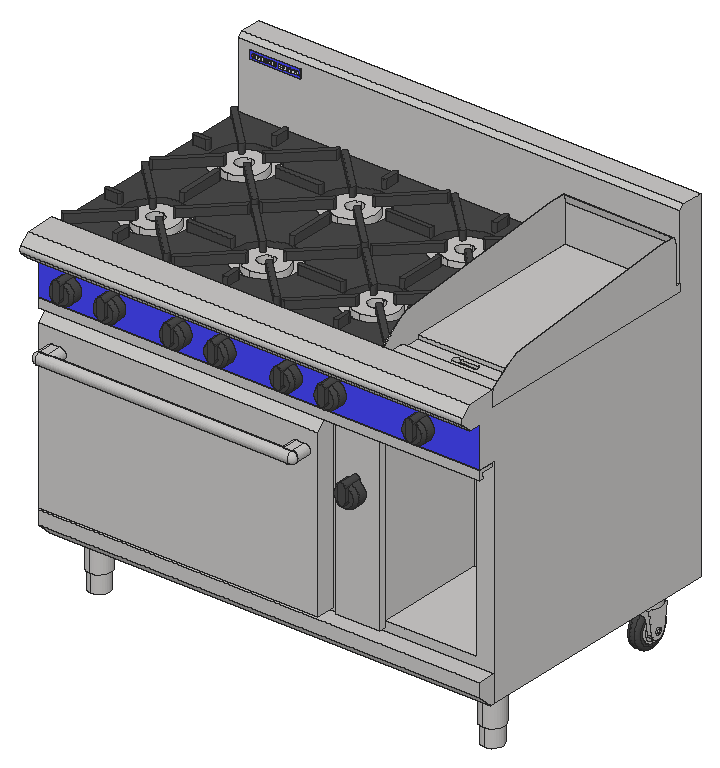
Revit family "QF_MOFFAT_BLUESEAL_CE_GE58C", category Specialty Equipment, Revit 2012
Parameters
  Width = 1200 mm
  Weight in Pounds = 485
  Watts = 6600 W
  Volts = 400 V
  URL Cutsheet = "www.moffat.com"
  URL = "www.moffat.com"
  Type Mark [instance] = ""
  Status [instance] = ""
  Specification by User [instance] = ""
  Specification by Manufacturer = ""
  Show Logo [instance] = yes
  Show Clearance [instance] = yes
  Show Casters [instance] = yes
  Serial Number = ""
  Seismic Rating = ""
  SMACNA No = ""
  Revision Code [instance] = ""
  Phase = 3
  Omniclass Number and Title = ""
  Number of Poles [instance] = 1
  NAFEM Spec ID Number = ""
  Model = "GE58C"
  Min Ckt Ampacity = 0 A
  Mechanical Remarks = ""
  Mechanical Connection Type [instance] = ""
  Max Overcurrent Protection = 0 A
  Masterspec = ""
  Manufacturer = "MOFFAT BLUESEAL"
  Legs [instance] = not(Show Casters)  # no
  Item Number [instance] = ""
  Installed By [instance] = ""
  Identify Quantity as Lot [instance] = yes
  Height = 970 mm
  HP = ""
  Gas Size = 3/4"
  Gas RI Height [instance] = 0 mm
  Gas KW [instance] = 48
  Gas Input [instance] = 165000.0 Btu/h
  Gas Connection Height = 0 mm
  Furnished By [instance] = ""
  Foodservice Equipment Identifier [instance] = yes
  FL Amps = 9.4 A
  Electrical Remarks = "9.4A PER PHASE"
  Electric Connection Type = ""
  Elec Conn RI Height = 0 mm
  Elec Conn Connection Height = 0 mm
  Description = "1200MM GAS RANGE WITH ELECTRIC CONVECTION OVEN"
  Depth = 812 mm
  Cycle = 50 Hz
  Conn Plug = ""
  Conn Conduit = yes
  CSI MasterFormat = ""
  CSI Master Format = ""
  Body Finish = QF_Finishes_Stainless Steel
  Apparent Power = 0 VA
Reference planes
  plane 1 "BACK": y = 0
  plane 2: z = 0
  plane 3 "LEFT": x = 0
  plane 4 "RIGHT": x = 1200
  plane 5 "FRONT": y = -812
  plane 6 "TOP": z = 970
  plane 7 "Center Y": x = 600
  plane 8 "Center X": y = -406
  plane 9: x = 280
  plane 10: y = -574.272
  plane 11: x = 60
  plane 12: y = -304.972
  plane 13: y = -364.972
  plane 14: x = 74
  plane 15: y = -812
  plane 16: x = 1134.5
  plane 17: y = -32
  plane 18: z = 655
  plane 19: x = 65.5
  plane 20: x = 65.8
  plane 21: z = 1085
  plane 22: y = -705
Forms (mm)
  Extrusion 1, solid, material "QF_Finishes_Stainless Steel" <- "Body Finish"
    sketch origin (0, 0, 0) x (0, 1, 0) y (0, 0, 1)
      loop
        line (0, 150) -> (0, 1085) -> (-57.5, 1085) -> (-70, 1072.5) -> (-70, 875) -> (-705, 875) -> (-705, 915) -> (-783.97, 915) -> (-808.49, 890.48)
        arc (-808.49, 890.48) -> (-812.002, 882) -> (-808.49, 873.52) r 11.993
        line (-808.49, 873.52) -> (-784.97, 850) -> (-749, 850) -> (-749, 740) -> (-699, 740) -> (-699, 150) -> (0, 150)
      loop
        line (-749, 222.5) -> (-749, 186) -> (-713, 150) -> (-703.2, 150) -> (-703.2, 222.5) -> (-749, 222.5)
      loop
        line (-749, 713.781) -> (-740.224, 713.781) -> (-742.613, 730.781) -> (-707.93, 730.781) -> (-707.93, 737.784) -> (-749, 737.784) -> (-749, 713.781)
    from 0 to 1200
  Extrusion 2, solid, material "QF_Finishes_Stainless Steel"
    sketch origin (0, 7, 0) x (0, 1, 0) y (0, 0, 1)
      loop
        line (-706, 700) -> (-732, 700) -> (-756, 676) -> (-756, 227.5) -> (-706, 227.5) -> (-706, 700)
    from 0 to 760
  Extrusion 3, solid, material "QF_Finishes_Stainless Steel"
    sketch origin (723.5, 7, 0) x (0, 1, 0) y (0, 0, 1)
      loop
        line (-706, 700) -> (-721, 700) -> (-721, 227.5) -> (-706, 227.5) -> (-706, 700)
    from 56.898 to 176.5
  Revolve 4, solid, material "QF_Finishes_Stainless Steel" <- "Body Finish"
    sketch origin (1134.5, -696.126, 0) x (0, 1, 0) y (0, 0, -1)
      loop
        line (39.376, -150) -> (71.126, -150) -> (71.126, 0) -> (43.626, 0) -> (43.626, -50) -> (39.376, -50) -> (39.376, -150)
      axis (71.126, -150) -> (71.126, 0)
    angle from 0 to 360
  Revolve 5, solid, material "QF_Finishes_Stainless Steel" <- "Body Finish"
    sketch origin (65.5, -696.126, 0) x (0, 1, 0) y (0, 0, 1)
      loop
        line (39.376, 150) -> (39.376, 50) -> (43.626, 50) -> (43.626, 0) -> (71.126, 0) -> (71.126, 150) -> (39.376, 150)
      axis (71.126, 150) -> (71.126, 0)
    angle from 0 to 360
  Extrusion 6, solid, material "QF_Finishes_Stainless Steel"
    sketch origin (-64.5, 0, 325) x (1, 0, 0) y (0, 1, 0)
      loop
        circle (1134.5, -32) r 10
    from 330 to 374.856
  Extrusion 7, void
    sketch origin (0, -699, 150) x (0, 0, -1) y (-1, 0, 0)
      loop
        line (-529.781, -900) -> (-529.781, -1150) -> (-96, -1150) -> (-96, -900) -> (-529.781, -900)
    from 0 to 304.8
  Extrusion 8, solid, material "QF_Finishes_Black"
    sketch origin (0, -70, 875) x (0, -1, 0) y (1, 0, 0)
      loop
        arc (1, 4) -> (1.879, 1.879) -> (4, 1) r 3
        line (4, 1) -> (632, 1)
        arc (632, 1) -> (634.121, 1.879) -> (635, 4) r 3
        line (635, 4) -> (635, 897)
        arc (635, 897) -> (634.121, 899.121) -> (632, 900) r 3
        line (632, 900) -> (4, 900)
        arc (4, 900) -> (1.879, 899.121) -> (1, 897) r 3
        line (1, 897) -> (1, 4)
      loop
        circle (167.5, 150) r 85
      loop
        circle (167.5, 450) r 85
      loop
        circle (467.768, 150) r 85
      loop
        circle (467.768, 450) r 85
      loop
        circle (167.5, 750) r 85
      loop
        circle (467.768, 750) r 85
    from 0 to 19.5
  Extrusion 9, solid, material "QF_Finishes_Black"
    sketch origin (0, -70, 894.5) x (0, -1, 0) y (1, 0, 0)
      loop
        spline (327.102, 15.153) -> (326.181, 13.924) -> (325.631, 12.47) -> (325.49, 10.89) -> (325.767, 9.292) -> (326.443, 7.786) -> (327.473, 6.473) -> (328.786, 5.443) -> (330.292, 4.767) -> (331.89, 4.49) -> (333.47, 4.631) -> (334.924, 5.181) -> (336.153, 6.102)
        line (336.153, 6.102) -> (444.076, 114.025)
        spline (444.076, 114.025) -> (444.837, 115.095) -> (445.238, 116.399) -> (445.251, 117.851) -> (444.875, 119.35) -> (444.137, 120.795) -> (443.086, 122.086) -> (441.795, 123.137) -> (440.35, 123.875) -> (438.851, 124.251) -> (437.399, 124.238) -> (436.095, 123.837) -> (435.025, 123.076)
        line (435.025, 123.076) -> (327.102, 15.153)
      loop
        line (611.398, 15.153) -> (503.475, 123.076)
        spline (503.475, 123.076) -> (502.405, 123.837) -> (501.101, 124.238) -> (499.649, 124.251) -> (498.15, 123.875) -> (496.705, 123.137) -> (495.414, 122.086) -> (494.363, 120.795) -> (493.625, 119.35) -> (493.249, 117.851) -> (493.262, 116.399) -> (493.663, 115.095) -> (494.424, 114.025)
        line (494.424, 114.025) -> (602.347, 6.102)
        spline (602.347, 6.102) -> (603.416, 5.341) -> (604.721, 4.941) -> (606.172, 4.928) -> (607.671, 5.303) -> (609.116, 6.041) -> (610.408, 7.092) -> (611.459, 8.384) -> (612.197, 9.829) -> (612.572, 11.328) -> (612.559, 12.779) -> (612.159, 14.084) -> (611.398, 15.153)
      loop
        spline (379.102, 143.6) -> (380.396, 143.818) -> (381.602, 144.457) -> (382.638, 145.475) -> (383.432, 146.8) -> (383.932, 148.344) -> (384.102, 150) -> (383.932, 151.656) -> (383.432, 153.2) -> (382.638, 154.525) -> (381.602, 155.543) -> (380.396, 156.182) -> (379.102, 156.4)
        line (379.102, 156.4) -> (259.398, 156.4)
        spline (259.398, 156.4) -> (258.104, 156.182) -> (256.898, 155.543) -> (255.862, 154.525) -> (255.068, 153.2) -> (254.568, 151.656) -> (254.398, 150) -> (254.568, 148.344) -> (255.068, 146.8) -> (255.862, 145.475) -> (256.898, 144.457) -> (258.104, 143.818) -> (259.398, 143.6)
        line (259.398, 143.6) -> (379.102, 143.6)
      loop
        spline (23.602, 15.153) -> (22.681, 13.924) -> (22.131, 12.47) -> (21.99, 10.89) -> (22.267, 9.292) -> (22.943, 7.786) -> (23.973, 6.473) -> (25.286, 5.443) -> (26.792, 4.767) -> (28.39, 4.49) -> (29.97, 4.631) -> (31.424, 5.181) -> (32.653, 6.102)
        line (32.653, 6.102) -> (140.576, 114.025)
        spline (140.576, 114.025) -> (141.337, 115.095) -> (141.738, 116.399) -> (141.751, 117.851) -> (141.375, 119.35) -> (140.637, 120.795) -> (139.586, 122.086) -> (138.295, 123.137) -> (136.85, 123.875) -> (135.351, 124.251) -> (133.899, 124.238) -> (132.595, 123.837) -> (131.525, 123.076)
        line (131.525, 123.076) -> (23.602, 15.153)
      loop
        line (311.398, 15.153) -> (203.475, 123.076)
        spline (203.475, 123.076) -> (202.405, 123.837) -> (201.101, 124.238) -> (199.649, 124.251) -> (198.15, 123.875) -> (196.705, 123.137) -> (195.414, 122.086) -> (194.363, 120.795) -> (193.625, 119.35) -> (193.249, 117.851) -> (193.262, 116.399) -> (193.663, 115.095) -> (194.424, 114.025)
        line (194.424, 114.025) -> (302.347, 6.102)
        spline (302.347, 6.102) -> (303.416, 5.341) -> (304.721, 4.941) -> (306.172, 4.928) -> (307.671, 5.303) -> (309.116, 6.041) -> (310.408, 7.092) -> (311.459, 8.384) -> (312.197, 9.829) -> (312.572, 11.328) -> (312.559, 12.779) -> (312.159, 14.084) -> (311.398, 15.153)
      loop
        line (327.102, 284.847) -> (435.025, 176.924)
        spline (435.025, 176.924) -> (436.095, 176.163) -> (437.399, 175.762) -> (438.851, 175.749) -> (440.35, 176.125) -> (441.795, 176.863) -> (443.086, 177.914) -> (444.137, 179.205) -> (444.875, 180.65) -> (445.251, 182.149) -> (445.238, 183.601) -> (444.837, 184.905) -> (444.076, 185.975)
        line (444.076, 185.975) -> (336.153, 293.898)
        spline (336.153, 293.898) -> (334.924, 294.819) -> (333.47, 295.369) -> (331.89, 295.51) -> (330.292, 295.233) -> (328.786, 294.557) -> (327.473, 293.527) -> (326.443, 292.214) -> (325.767, 290.708) -> (325.49, 289.11) -> (325.631, 287.53) -> (326.181, 286.076) -> (327.102, 284.847)
      loop
        spline (611.398, 284.847) -> (612.159, 285.916) -> (612.559, 287.221) -> (612.572, 288.672) -> (612.197, 290.171) -> (611.459, 291.616) -> (610.408, 292.908) -> (609.116, 293.959) -> (607.671, 294.697) -> (606.172, 295.072) -> (604.721, 295.059) -> (603.416, 294.659) -> (602.347, 293.898)
        line (602.347, 293.898) -> (494.424, 185.975)
        spline (494.424, 185.975) -> (493.663, 184.905) -> (493.262, 183.601) -> (493.249, 182.149) -> (493.625, 180.65) -> (494.363, 179.205) -> (495.414, 177.914) -> (496.705, 176.863) -> (498.15, 176.125) -> (499.649, 175.749) -> (501.101, 175.762) -> (502.405, 176.163) -> (503.475, 176.924)
        line (503.475, 176.924) -> (611.398, 284.847)
      loop
        spline (461.1, 241.898) -> (461.318, 240.604) -> (461.957, 239.398) -> (462.975, 238.362) -> (464.3, 237.568) -> (465.844, 237.068) -> (467.5, 236.898) -> (469.156, 237.068) -> (470.7, 237.568) -> (472.025, 238.362) -> (473.043, 239.398) -> (473.682, 240.604) -> (473.9, 241.898)
        line (473.9, 241.898) -> (473.9, 358.102)
        spline (473.9, 358.102) -> (473.682, 359.396) -> (473.043, 360.602) -> (472.025, 361.638) -> (470.7, 362.432) -> (469.156, 362.932) -> (467.5, 363.102) -> (465.844, 362.932) -> (464.3, 362.432) -> (462.975, 361.638) -> (461.957, 360.602) -> (461.318, 359.396) -> (461.1, 358.102)
        line (461.1, 358.102) -> (461.1, 241.898)
      loop
        line (23.602, 284.847) -> (131.525, 176.924)
        spline (131.525, 176.924) -> (132.595, 176.163) -> (133.899, 175.762) -> (135.351, 175.749) -> (136.85, 176.125) -> (138.295, 176.863) -> (139.586, 177.914) -> (140.637, 179.205) -> (141.375, 180.65) -> (141.751, 182.149) -> (141.738, 183.601) -> (141.337, 184.905) -> (140.576, 185.975)
        line (140.576, 185.975) -> (32.653, 293.898)
        spline (32.653, 293.898) -> (31.424, 294.819) -> (29.97, 295.369) -> (28.39, 295.51) -> (26.792, 295.233) -> (25.286, 294.557) -> (23.973, 293.527) -> (22.943, 292.214) -> (22.267, 290.708) -> (21.99, 289.11) -> (22.131, 287.53) -> (22.681, 286.076) -> (23.602, 284.847)
      loop
        spline (311.398, 284.847) -> (312.159, 285.916) -> (312.559, 287.221) -> (312.572, 288.672) -> (312.197, 290.171) -> (311.459, 291.616) -> (310.408, 292.908) -> (309.116, 293.959) -> (307.671, 294.697) -> (306.172, 295.072) -> (304.721, 295.059) -> (303.416, 294.659) -> (302.347, 293.898)
        line (302.347, 293.898) -> (194.424, 185.975)
        spline (194.424, 185.975) -> (193.663, 184.905) -> (193.262, 183.601) -> (193.249, 182.149) -> (193.625, 180.65) -> (194.363, 179.205) -> (195.414, 177.914) -> (196.705, 176.863) -> (198.15, 176.125) -> (199.649, 175.749) -> (201.101, 175.762) -> (202.405, 176.163) -> (203.475, 176.924)
        line (203.475, 176.924) -> (311.398, 284.847)
      loop
        spline (161.1, 241.898) -> (161.318, 240.604) -> (161.957, 239.398) -> (162.975, 238.362) -> (164.3, 237.568) -> (165.844, 237.068) -> (167.5, 236.898) -> (169.156, 237.068) -> (170.7, 237.568) -> (172.025, 238.362) -> (173.043, 239.398) -> (173.682, 240.604) -> (173.9, 241.898)
        line (173.9, 241.898) -> (173.9, 358.102)
        spline (173.9, 358.102) -> (173.682, 359.396) -> (173.043, 360.602) -> (172.025, 361.638) -> (170.7, 362.432) -> (169.156, 362.932) -> (167.5, 363.102) -> (165.844, 362.932) -> (164.3, 362.432) -> (162.975, 361.638) -> (161.957, 360.602) -> (161.318, 359.396) -> (161.1, 358.102)
        line (161.1, 358.102) -> (161.1, 241.898)
      loop
        line (379.102, 456.4) -> (259.398, 456.4)
        spline (259.398, 456.4) -> (258.104, 456.182) -> (256.898, 455.543) -> (255.862, 454.525) -> (255.068, 453.2) -> (254.568, 451.656) -> (254.398, 450) -> (254.568, 448.344) -> (255.068, 446.8) -> (255.862, 445.475) -> (256.898, 444.457) -> (258.104, 443.818) -> (259.398, 443.6)
        line (259.398, 443.6) -> (379.102, 443.6)
        spline (379.102, 443.6) -> (380.396, 443.818) -> (381.602, 444.457) -> (382.638, 445.475) -> (383.432, 446.8) -> (383.932, 448.344) -> (384.102, 450) -> (383.932, 451.656) -> (383.432, 453.2) -> (382.638, 454.525) -> (381.602, 455.543) -> (380.396, 456.182) -> (379.102, 456.4)
      loop
        spline (327.102, 315.153) -> (326.181, 313.924) -> (325.631, 312.47) -> (325.49, 310.89) -> (325.767, 309.292) -> (326.443, 307.786) -> (327.473, 306.473) -> (328.786, 305.443) -> (330.292, 304.767) -> (331.89, 304.49) -> (333.47, 304.631) -> (334.924, 305.181) -> (336.153, 306.102)
        line (336.153, 306.102) -> (444.076, 414.025)
        spline (444.076, 414.025) -> (444.837, 415.095) -> (445.238, 416.399) -> (445.251, 417.851) -> (444.875, 419.35) -> (444.137, 420.795) -> (443.086, 422.086) -> (441.795, 423.137) -> (440.35, 423.875) -> (438.851, 424.251) -> (437.399, 424.238) -> (436.095, 423.837) -> (435.025, 423.076)
        line (435.025, 423.076) -> (327.102, 315.153)
      loop
        line (611.398, 315.153) -> (503.475, 423.076)
        spline (503.475, 423.076) -> (502.405, 423.837) -> (501.101, 424.238) -> (499.649, 424.251) -> (498.15, 423.875) -> (496.705, 423.137) -> (495.414, 422.086) -> (494.363, 420.795) -> (493.625, 419.35) -> (493.249, 417.851) -> (493.262, 416.399) -> (493.663, 415.095) -> (494.424, 414.025)
        line (494.424, 414.025) -> (602.347, 306.102)
        spline (602.347, 306.102) -> (603.416, 305.341) -> (604.721, 304.941) -> (606.172, 304.928) -> (607.671, 305.303) -> (609.116, 306.041) -> (610.408, 307.092) -> (611.459, 308.384) -> (612.197, 309.829) -> (612.572, 311.328) -> (612.559, 312.779) -> (612.159, 314.084) -> (611.398, 315.153)
      loop
        spline (23.602, 315.153) -> (22.681, 313.924) -> (22.131, 312.47) -> (21.99, 310.89) -> (22.267, 309.292) -> (22.943, 307.786) -> (23.973, 306.473) -> (25.286, 305.443) -> (26.792, 304.767) -> (28.39, 304.49) -> (29.97, 304.631) -> (31.424, 305.181) -> (32.653, 306.102)
        line (32.653, 306.102) -> (140.576, 414.025)
        spline (140.576, 414.025) -> (141.337, 415.095) -> (141.738, 416.399) -> (141.751, 417.851) -> (141.375, 419.35) -> (140.637, 420.795) -> (139.586, 422.086) -> (138.295, 423.137) -> (136.85, 423.875) -> (135.351, 424.251) -> (133.899, 424.238) -> (132.595, 423.837) -> (131.525, 423.076)
        line (131.525, 423.076) -> (23.602, 315.153)
      loop
        line (311.398, 315.153) -> (203.475, 423.076)
        spline (203.475, 423.076) -> (202.405, 423.837) -> (201.101, 424.238) -> (199.649, 424.251) -> (198.15, 423.875) -> (196.705, 423.137) -> (195.414, 422.086) -> (194.363, 420.795) -> (193.625, 419.35) -> (193.249, 417.851) -> (193.262, 416.399) -> (193.663, 415.095) -> (194.424, 414.025)
        line (194.424, 414.025) -> (302.347, 306.102)
        spline (302.347, 306.102) -> (303.416, 305.341) -> (304.721, 304.941) -> (306.172, 304.928) -> (307.671, 305.303) -> (309.116, 306.041) -> (310.408, 307.092) -> (311.459, 308.384) -> (312.197, 309.829) -> (312.572, 311.328) -> (312.559, 312.779) -> (312.159, 314.084) -> (311.398, 315.153)
      loop
        line (327.102, 584.847) -> (435.025, 476.924)
        spline (435.025, 476.924) -> (436.095, 476.163) -> (437.399, 475.762) -> (438.851, 475.749) -> (440.35, 476.125) -> (441.795, 476.863) -> (443.086, 477.914) -> (444.137, 479.205) -> (444.875, 480.65) -> (445.251, 482.149) -> (445.238, 483.601) -> (444.837, 484.905) -> (444.076, 485.975)
        line (444.076, 485.975) -> (336.153, 593.898)
        spline (336.153, 593.898) -> (334.924, 594.819) -> (333.47, 595.369) -> (331.89, 595.51) -> (330.292, 595.233) -> (328.786, 594.557) -> (327.473, 593.527) -> (326.443, 592.214) -> (325.767, 590.708) -> (325.49, 589.11) -> (325.631, 587.53) -> (326.181, 586.076) -> (327.102, 584.847)
      loop
        spline (611.398, 584.847) -> (612.159, 585.916) -> (612.559, 587.221) -> (612.572, 588.672) -> (612.197, 590.171) -> (611.459, 591.616) -> (610.408, 592.908) -> (609.116, 593.959) -> (607.671, 594.697) -> (606.172, 595.072) -> (604.721, 595.059) -> (603.416, 594.659) -> (602.347, 593.898)
        line (602.347, 593.898) -> (494.424, 485.975)
        spline (494.424, 485.975) -> (493.663, 484.905) -> (493.262, 483.601) -> (493.249, 482.149) -> (493.625, 480.65) -> (494.363, 479.205) -> (495.414, 477.914) -> (496.705, 476.863) -> (498.15, 476.125) -> (499.649, 475.749) -> (501.101, 475.762) -> (502.405, 476.163) -> (503.475, 476.924)
        line (503.475, 476.924) -> (611.398, 584.847)
      loop
        line (23.602, 584.847) -> (131.525, 476.924)
        spline (131.525, 476.924) -> (132.595, 476.163) -> (133.899, 475.762) -> (135.351, 475.749) -> (136.85, 476.125) -> (138.295, 476.863) -> (139.586, 477.914) -> (140.637, 479.205) -> (141.375, 480.65) -> (141.751, 482.149) -> (141.738, 483.601) -> (141.337, 484.905) -> (140.576, 485.975)
        line (140.576, 485.975) -> (32.653, 593.898)
        spline (32.653, 593.898) -> (31.424, 594.819) -> (29.97, 595.369) -> (28.39, 595.51) -> (26.792, 595.233) -> (25.286, 594.557) -> (23.973, 593.527) -> (22.943, 592.214) -> (22.267, 590.708) -> (21.99, 589.11) -> (22.131, 587.53) -> (22.681, 586.076) -> (23.602, 584.847)
      loop
        spline (311.398, 584.847) -> (312.159, 585.916) -> (312.559, 587.221) -> (312.572, 588.672) -> (312.197, 590.171) -> (311.459, 591.616) -> (310.408, 592.908) -> (309.116, 593.959) -> (307.671, 594.697) -> (306.172, 595.072) -> (304.721, 595.059) -> (303.416, 594.659) -> (302.347, 593.898)
        line (302.347, 593.898) -> (194.424, 485.975)
        spline (194.424, 485.975) -> (193.663, 484.905) -> (193.262, 483.601) -> (193.249, 482.149) -> (193.625, 480.65) -> (194.363, 479.205) -> (195.414, 477.914) -> (196.705, 476.863) -> (198.15, 476.125) -> (199.649, 475.749) -> (201.101, 475.762) -> (202.405, 476.163) -> (203.475, 476.924)
        line (203.475, 476.924) -> (311.398, 584.847)
      loop
        spline (461.1, 541.898) -> (461.318, 540.604) -> (461.957, 539.398) -> (462.975, 538.362) -> (464.3, 537.568) -> (465.844, 537.068) -> (467.5, 536.898) -> (469.156, 537.068) -> (470.7, 537.568) -> (472.025, 538.362) -> (473.043, 539.398) -> (473.682, 540.604) -> (473.9, 541.898)
        line (473.9, 541.898) -> (473.9, 658.102)
        spline (473.9, 658.102) -> (473.682, 659.396) -> (473.043, 660.602) -> (472.025, 661.638) -> (470.7, 662.432) -> (469.156, 662.932) -> (467.5, 663.102) -> (465.844, 662.932) -> (464.3, 662.432) -> (462.975, 661.638) -> (461.957, 660.602) -> (461.318, 659.396) -> (461.1, 658.102)
        line (461.1, 658.102) -> (461.1, 541.898)
      loop
        spline (161.1, 541.898) -> (161.318, 540.604) -> (161.957, 539.398) -> (162.975, 538.362) -> (164.3, 537.568) -> (165.844, 537.068) -> (167.5, 536.898) -> (169.156, 537.068) -> (170.7, 537.568) -> (172.025, 538.362) -> (173.043, 539.398) -> (173.682, 540.604) -> (173.9, 541.898)
        line (173.9, 541.898) -> (173.9, 658.102)
        spline (173.9, 658.102) -> (173.682, 659.396) -> (173.043, 660.602) -> (172.025, 661.638) -> (170.7, 662.432) -> (169.156, 662.932) -> (167.5, 663.102) -> (165.844, 662.932) -> (164.3, 662.432) -> (162.975, 661.638) -> (161.957, 660.602) -> (161.318, 659.396) -> (161.1, 658.102)
        line (161.1, 658.102) -> (161.1, 541.898)
      loop
        line (379.102, 756.4) -> (259.398, 756.4)
        spline (259.398, 756.4) -> (258.104, 756.182) -> (256.898, 755.543) -> (255.862, 754.525) -> (255.068, 753.2) -> (254.568, 751.656) -> (254.398, 750) -> (254.568, 748.344) -> (255.068, 746.8) -> (255.862, 745.475) -> (256.898, 744.457) -> (258.104, 743.818) -> (259.398, 743.6)
        line (259.398, 743.6) -> (379.102, 743.6)
        spline (379.102, 743.6) -> (380.396, 743.818) -> (381.602, 744.457) -> (382.638, 745.475) -> (383.432, 746.8) -> (383.932, 748.344) -> (384.102, 750) -> (383.932, 751.656) -> (383.432, 753.2) -> (382.638, 754.525) -> (381.602, 755.543) -> (380.396, 756.182) -> (379.102, 756.4)
      loop
        spline (327.102, 615.153) -> (326.181, 613.924) -> (325.631, 612.47) -> (325.49, 610.89) -> (325.767, 609.292) -> (326.443, 607.786) -> (327.473, 606.473) -> (328.786, 605.443) -> (330.292, 604.767) -> (331.89, 604.49) -> (333.47, 604.631) -> (334.924, 605.181) -> (336.153, 606.102)
        line (336.153, 606.102) -> (444.076, 714.025)
        spline (444.076, 714.025) -> (444.837, 715.095) -> (445.238, 716.399) -> (445.251, 717.851) -> (444.875, 719.35) -> (444.137, 720.795) -> (443.086, 722.086) -> (441.795, 723.137) -> (440.35, 723.875) -> (438.851, 724.251) -> (437.399, 724.238) -> (436.095, 723.837) -> (435.025, 723.076)
        line (435.025, 723.076) -> (327.102, 615.153)
      loop
        line (611.398, 615.153) -> (503.475, 723.076)
        spline (503.475, 723.076) -> (502.405, 723.837) -> (501.101, 724.238) -> (499.649, 724.251) -> (498.15, 723.875) -> (496.705, 723.137) -> (495.414, 722.086) -> (494.363, 720.795) -> (493.625, 719.35) -> (493.249, 717.851) -> (493.262, 716.399) -> (493.663, 715.095) -> (494.424, 714.025)
        line (494.424, 714.025) -> (602.347, 606.102)
        spline (602.347, 606.102) -> (603.416, 605.341) -> (604.721, 604.941) -> (606.172, 604.928) -> (607.671, 605.303) -> (609.116, 606.041) -> (610.408, 607.092) -> (611.459, 608.384) -> (612.197, 609.829) -> (612.572, 611.328) -> (612.559, 612.779) -> (612.159, 614.084) -> (611.398, 615.153)
      loop
        spline (23.602, 615.153) -> (22.681, 613.924) -> (22.131, 612.47) -> (21.99, 610.89) -> (22.267, 609.292) -> (22.943, 607.786) -> (23.973, 606.473) -> (25.286, 605.443) -> (26.792, 604.767) -> (28.39, 604.49) -> (29.97, 604.631) -> (31.424, 605.181) -> (32.653, 606.102)
        line (32.653, 606.102) -> (140.576, 714.025)
        spline (140.576, 714.025) -> (141.337, 715.095) -> (141.738, 716.399) -> (141.751, 717.851) -> (141.375, 719.35) -> (140.637, 720.795) -> (139.586, 722.086) -> (138.295, 723.137) -> (136.85, 723.875) -> (135.351, 724.251) -> (133.899, 724.238) -> (132.595, 723.837) -> (131.525, 723.076)
        line (131.525, 723.076) -> (23.602, 615.153)
      loop
        line (311.398, 615.153) -> (203.475, 723.076)
        spline (203.475, 723.076) -> (202.405, 723.837) -> (201.101, 724.238) -> (199.649, 724.251) -> (198.15, 723.875) -> (196.705, 723.137) -> (195.414, 722.086) -> (194.363, 720.795) -> (193.625, 719.35) -> (193.249, 717.851) -> (193.262, 716.399) -> (193.663, 715.095) -> (194.424, 714.025)
        line (194.424, 714.025) -> (302.347, 606.102)
        spline (302.347, 606.102) -> (303.416, 605.341) -> (304.721, 604.941) -> (306.172, 604.928) -> (307.671, 605.303) -> (309.116, 606.041) -> (310.408, 607.092) -> (311.459, 608.384) -> (312.197, 609.829) -> (312.572, 611.328) -> (312.559, 612.779) -> (312.159, 614.084) -> (311.398, 615.153)
      loop
        line (327.102, 884.847) -> (435.025, 776.924)
        spline (435.025, 776.924) -> (436.095, 776.163) -> (437.399, 775.762) -> (438.851, 775.749) -> (440.35, 776.125) -> (441.795, 776.863) -> (443.086, 777.914) -> (444.137, 779.205) -> (444.875, 780.65) -> (445.251, 782.149) -> (445.238, 783.601) -> (444.837, 784.905) -> (444.076, 785.975)
        line (444.076, 785.975) -> (336.153, 893.898)
        spline (336.153, 893.898) -> (334.924, 894.819) -> (333.47, 895.369) -> (331.89, 895.51) -> (330.292, 895.233) -> (328.786, 894.557) -> (327.473, 893.527) -> (326.443, 892.214) -> (325.767, 890.708) -> (325.49, 889.11) -> (325.631, 887.53) -> (326.181, 886.076) -> (327.102, 884.847)
      loop
        spline (611.398, 884.847) -> (612.159, 885.916) -> (612.559, 887.221) -> (612.572, 888.672) -> (612.197, 890.171) -> (611.459, 891.616) -> (610.408, 892.908) -> (609.116, 893.959) -> (607.671, 894.697) -> (606.172, 895.072) -> (604.721, 895.059) -> (603.416, 894.659) -> (602.347, 893.898)
        line (602.347, 893.898) -> (494.424, 785.975)
        spline (494.424, 785.975) -> (493.663, 784.905) -> (493.262, 783.601) -> (493.249, 782.149) -> (493.625, 780.65) -> (494.363, 779.205) -> (495.414, 777.914) -> (496.705, 776.863) -> (498.15, 776.125) -> (499.649, 775.749) -> (501.101, 775.762) -> (502.405, 776.163) -> (503.475, 776.924)
        line (503.475, 776.924) -> (611.398, 884.847)
      loop
        line (23.602, 884.847) -> (131.525, 776.924)
        spline (131.525, 776.924) -> (132.595, 776.163) -> (133.899, 775.762) -> (135.351, 775.749) -> (136.85, 776.125) -> (138.295, 776.863) -> (139.586, 777.914) -> (140.637, 779.205) -> (141.375, 780.65) -> (141.751, 782.149) -> (141.738, 783.601) -> (141.337, 784.905) -> (140.576, 785.975)
        line (140.576, 785.975) -> (32.653, 893.898)
        spline (32.653, 893.898) -> (31.424, 894.819) -> (29.97, 895.369) -> (28.39, 895.51) -> (26.792, 895.233) -> (25.286, 894.557) -> (23.973, 893.527) -> (22.943, 892.214) -> (22.267, 890.708) -> (21.99, 889.11) -> (22.131, 887.53) -> (22.681, 886.076) -> (23.602, 884.847)
      loop
        spline (311.398, 884.847) -> (312.159, 885.916) -> (312.559, 887.221) -> (312.572, 888.672) -> (312.197, 890.171) -> (311.459, 891.616) -> (310.408, 892.908) -> (309.116, 893.959) -> (307.671, 894.697) -> (306.172, 895.072) -> (304.721, 895.059) -> (303.416, 894.659) -> (302.347, 893.898)
        line (302.347, 893.898) -> (194.424, 785.975)
        spline (194.424, 785.975) -> (193.663, 784.905) -> (193.262, 783.601) -> (193.249, 782.149) -> (193.625, 780.65) -> (194.363, 779.205) -> (195.414, 777.914) -> (196.705, 776.863) -> (198.15, 776.125) -> (199.649, 775.749) -> (201.101, 775.762) -> (202.405, 776.163) -> (203.475, 776.924)
        line (203.475, 776.924) -> (311.398, 884.847)
      loop
        spline (473.9, 891.872) -> (473.682, 893.166) -> (473.043, 894.372) -> (472.025, 895.407) -> (470.7, 896.202) -> (469.156, 896.701) -> (467.5, 896.872) -> (465.844, 896.701) -> (464.3, 896.202) -> (462.975, 895.407) -> (461.957, 894.372) -> (461.318, 893.166) -> (461.1, 891.872)
        line (461.1, 891.872) -> (461.1, 841.898)
        spline (461.1, 841.898) -> (461.318, 840.604) -> (461.957, 839.398) -> (462.975, 838.362) -> (464.3, 837.568) -> (465.844, 837.068) -> (467.5, 836.898) -> (469.156, 837.068) -> (470.7, 837.568) -> (472.025, 838.362) -> (473.043, 839.398) -> (473.682, 840.604) -> (473.9, 841.898)
        line (473.9, 841.898) -> (473.9, 891.872)
      loop
        spline (173.9, 891.872) -> (173.682, 893.166) -> (173.043, 894.372) -> (172.025, 895.407) -> (170.7, 896.202) -> (169.156, 896.701) -> (167.5, 896.872) -> (165.844, 896.701) -> (164.3, 896.202) -> (162.975, 895.407) -> (161.957, 894.372) -> (161.318, 893.166) -> (161.1, 891.872)
        line (161.1, 891.872) -> (161.1, 841.898)
        spline (161.1, 841.898) -> (161.318, 840.604) -> (161.957, 839.398) -> (162.975, 838.362) -> (164.3, 837.568) -> (165.844, 837.068) -> (167.5, 836.898) -> (169.156, 837.068) -> (170.7, 837.568) -> (172.025, 838.362) -> (173.043, 839.398) -> (173.682, 840.604) -> (173.9, 841.898)
        line (173.9, 841.898) -> (173.9, 891.872)
      loop
        spline (65.602, 143.6) -> (66.896, 143.818) -> (68.102, 144.457) -> (69.138, 145.475) -> (69.932, 146.8) -> (70.432, 148.344) -> (70.602, 150) -> (70.432, 151.656) -> (69.932, 153.2) -> (69.138, 154.525) -> (68.102, 155.543) -> (66.896, 156.182) -> (65.602, 156.4)
        line (65.602, 156.4) -> (29.398, 156.4)
        spline (29.398, 156.4) -> (28.104, 156.182) -> (26.898, 155.543) -> (25.862, 154.525) -> (25.068, 153.2) -> (24.568, 151.656) -> (24.398, 150) -> (24.568, 148.344) -> (25.068, 146.8) -> (25.862, 145.475) -> (26.898, 144.457) -> (28.104, 143.818) -> (29.398, 143.6)
        line (29.398, 143.6) -> (65.602, 143.6)
      loop
        spline (65.602, 443.6) -> (66.896, 443.818) -> (68.102, 444.457) -> (69.138, 445.475) -> (69.932, 446.8) -> (70.432, 448.344) -> (70.602, 450) -> (70.432, 451.656) -> (69.932, 453.2) -> (69.138, 454.525) -> (68.102, 455.543) -> (66.896, 456.182) -> (65.602, 456.4)
        line (65.602, 456.4) -> (29.398, 456.4)
        spline (29.398, 456.4) -> (28.104, 456.182) -> (26.898, 455.543) -> (25.862, 454.525) -> (25.068, 453.2) -> (24.568, 451.656) -> (24.398, 450) -> (24.568, 448.344) -> (25.068, 446.8) -> (25.862, 445.475) -> (26.898, 444.457) -> (28.104, 443.818) -> (29.398, 443.6)
        line (29.398, 443.6) -> (65.602, 443.6)
      loop
        spline (65.602, 743.6) -> (66.896, 743.818) -> (68.102, 744.457) -> (69.138, 745.475) -> (69.932, 746.8) -> (70.432, 748.344) -> (70.602, 750) -> (70.432, 751.656) -> (69.932, 753.2) -> (69.138, 754.525) -> (68.102, 755.543) -> (66.896, 756.182) -> (65.602, 756.4)
        line (65.602, 756.4) -> (29.398, 756.4)
        spline (29.398, 756.4) -> (28.104, 756.182) -> (26.898, 755.543) -> (25.862, 754.525) -> (25.068, 753.2) -> (24.568, 751.656) -> (24.398, 750) -> (24.568, 748.344) -> (25.068, 746.8) -> (25.862, 745.475) -> (26.898, 744.457) -> (28.104, 743.818) -> (29.398, 743.6)
        line (29.398, 743.6) -> (65.602, 743.6)
      loop
        spline (605.602, 143.6) -> (606.896, 143.818) -> (608.102, 144.457) -> (609.138, 145.475) -> (609.932, 146.8) -> (610.432, 148.344) -> (610.602, 150) -> (610.432, 151.656) -> (609.932, 153.2) -> (609.138, 154.525) -> (608.102, 155.543) -> (606.896, 156.182) -> (605.602, 156.4)
        line (605.602, 156.4) -> (569.398, 156.4)
        spline (569.398, 156.4) -> (568.104, 156.182) -> (566.898, 155.543) -> (565.862, 154.525) -> (565.068, 153.2) -> (564.568, 151.656) -> (564.398, 150) -> (564.568, 148.344) -> (565.068, 146.8) -> (565.862, 145.475) -> (566.898, 144.457) -> (568.104, 143.818) -> (569.398, 143.6)
        line (569.398, 143.6) -> (605.602, 143.6)
      loop
        spline (605.602, 443.6) -> (606.896, 443.818) -> (608.102, 444.457) -> (609.138, 445.475) -> (609.932, 446.8) -> (610.432, 448.344) -> (610.602, 450) -> (610.432, 451.656) -> (609.932, 453.2) -> (609.138, 454.525) -> (608.102, 455.543) -> (606.896, 456.182) -> (605.602, 456.4)
        line (605.602, 456.4) -> (569.398, 456.4)
        spline (569.398, 456.4) -> (568.104, 456.182) -> (566.898, 455.543) -> (565.862, 454.525) -> (565.068, 453.2) -> (564.568, 451.656) -> (564.398, 450) -> (564.568, 448.344) -> (565.068, 446.8) -> (565.862, 445.475) -> (566.898, 444.457) -> (568.104, 443.818) -> (569.398, 443.6)
        line (569.398, 443.6) -> (605.602, 443.6)
      loop
        spline (605.602, 743.6) -> (606.896, 743.818) -> (608.102, 744.457) -> (609.138, 745.475) -> (609.932, 746.8) -> (610.432, 748.344) -> (610.602, 750) -> (610.432, 751.656) -> (609.932, 753.2) -> (609.138, 754.525) -> (608.102, 755.543) -> (606.896, 756.182) -> (605.602, 756.4)
        line (605.602, 756.4) -> (569.398, 756.4)
        spline (569.398, 756.4) -> (568.104, 756.182) -> (566.898, 755.543) -> (565.862, 754.525) -> (565.068, 753.2) -> (564.568, 751.656) -> (564.398, 750) -> (564.568, 748.344) -> (565.068, 746.8) -> (565.862, 745.475) -> (566.898, 744.457) -> (568.104, 743.818) -> (569.398, 743.6)
        line (569.398, 743.6) -> (605.602, 743.6)
      loop
        line (460.626, 50.584) -> (460.626, 16.591)
        spline (460.626, 16.591) -> (460.844, 15.297) -> (461.483, 14.091) -> (462.501, 13.055) -> (463.826, 12.261) -> (465.37, 11.761) -> (467.026, 11.591) -> (468.682, 11.761) -> (470.226, 12.261) -> (471.551, 13.055) -> (472.569, 14.091) -> (473.208, 15.297) -> (473.426, 16.591)
        line (473.426, 16.591) -> (473.426, 50.584)
        spline (473.426, 50.584) -> (473.208, 51.878) -> (472.569, 53.084) -> (471.551, 54.119) -> (470.226, 54.914) -> (468.682, 55.413) -> (467.026, 55.584) -> (465.37, 55.413) -> (463.826, 54.914) -> (462.501, 54.119) -> (461.483, 53.084) -> (460.844, 51.878) -> (460.626, 50.584)
      loop
        line (160.11, 50.584) -> (160.11, 16.591)
        spline (160.11, 16.591) -> (160.328, 15.297) -> (160.967, 14.091) -> (161.984, 13.055) -> (163.31, 12.261) -> (164.853, 11.761) -> (166.51, 11.591) -> (168.166, 11.761) -> (169.71, 12.261) -> (171.035, 13.055) -> (172.052, 14.091) -> (172.692, 15.297) -> (172.91, 16.591)
        line (172.91, 16.591) -> (172.91, 50.584)
        spline (172.91, 50.584) -> (172.692, 51.878) -> (172.052, 53.084) -> (171.035, 54.119) -> (169.71, 54.914) -> (168.166, 55.413) -> (166.51, 55.584) -> (164.853, 55.413) -> (163.31, 54.914) -> (161.984, 54.119) -> (160.967, 53.084) -> (160.328, 51.878) -> (160.11, 50.584)
    from 0 to 23.5
  Revolve 10, solid, material "QF_Finishes_Black"
    sketch origin (810.601, 45.874, -0.118) x (0, 1, 0) y (0, 0, 1)
      loop
        line (-827.874, 829.5) -> (-838.874, 823.651) -> (-838.874, 797) -> (-794.874, 797) -> (-794.874, 802) -> (-804.874, 802) -> (-804.874, 829.5) -> (-827.874, 829.5)
      axis (-838.874, 797) -> (-794.874, 797)
    angle from 0 to 360
  Revolve 11, solid, material "QF_Finishes_Black"
    sketch origin (690.601, 45.874, -0.118) x (0, 1, 0) y (0, 0, 1)
      loop
        line (-827.874, 829.5) -> (-838.874, 823.651) -> (-838.874, 797) -> (-794.874, 797) -> (-794.874, 802) -> (-804.874, 802) -> (-804.874, 829.5) -> (-827.874, 829.5)
      axis (-838.874, 797) -> (-794.874, 797)
    angle from 0 to 360
  Revolve 12, solid, material "QF_Finishes_Black"
    sketch origin (90.649, 45.874, -0.118) x (0, 1, 0) y (0, 0, -1)
      loop
        line (-827.874, -829.5) -> (-804.874, -829.5) -> (-804.874, -802) -> (-794.874, -802) -> (-794.874, -797) -> (-838.874, -797) -> (-838.874, -823.651) -> (-827.874, -829.5)
      axis (-838.874, -797) -> (-794.874, -797)
    angle from 0 to 360
  Revolve 13, solid, material "QF_Finishes_Black"
    sketch origin (210.649, 45.874, -0.118) x (0, 1, 0) y (0, 0, -1)
      loop
        line (-827.874, -829.5) -> (-804.874, -829.5) -> (-804.874, -802) -> (-794.874, -802) -> (-794.874, -797) -> (-838.874, -797) -> (-838.874, -823.651) -> (-827.874, -829.5)
      axis (-838.874, -797) -> (-794.874, -797)
    angle from 0 to 360
  Revolve 14, solid, material "QF_Finishes_Black"
    sketch origin (390.625, 45.874, -0.118) x (0, 1, 0) y (0, 0, -1)
      loop
        line (-827.874, -829.5) -> (-804.874, -829.5) -> (-804.874, -802) -> (-794.874, -802) -> (-794.874, -797) -> (-838.874, -797) -> (-838.874, -823.651) -> (-827.874, -829.5)
      axis (-838.874, -797) -> (-794.874, -797)
    angle from 0 to 360
  Revolve 15, solid, material "QF_Finishes_Black"
    sketch origin (510.625, 45.874, -0.118) x (0, 1, 0) y (0, 0, -1)
      loop
        line (-827.874, -829.5) -> (-804.874, -829.5) -> (-804.874, -802) -> (-794.874, -802) -> (-794.874, -797) -> (-838.874, -797) -> (-838.874, -823.651) -> (-827.874, -829.5)
      axis (-838.874, -797) -> (-794.874, -797)
    angle from 0 to 360
  Revolve 16, solid, material "QF_Finishes_Black"
    sketch origin (1050, 45.874, -0.118) x (0, 1, 0) y (0, 0, 1)
      loop
        line (-827.874, 829.5) -> (-838.874, 823.651) -> (-838.874, 797) -> (-794.874, 797) -> (-794.874, 802) -> (-804.874, 802) -> (-804.874, 829.5) -> (-827.874, 829.5)
      axis (-838.874, 797) -> (-794.874, 797)
    angle from 0 to 360
  Extrusion 17, solid, material "QF_Finishes_Black"
    sketch origin (238.456, 7, -0.118) x (-1, 0, 0) y (0, 0, -1)
      loop
        arc (158.3, -789) -> (148.3, -779) -> (138.3, -789) r 10
        line (138.3, -789) -> (138.3, -824)
        arc (138.3, -824) -> (148.3, -834) -> (158.3, -824) r 10
        line (158.3, -824) -> (158.3, -789)
    from 759 to 808
  Extrusion 18, solid, material "QF_Finishes_Black"
    sketch origin (358.456, 7, -0.118) x (-1, 0, 0) y (0, 0, -1)
      loop
        arc (158.3, -789) -> (148.3, -779) -> (138.3, -789) r 10
        line (138.3, -789) -> (138.3, -824)
        arc (138.3, -824) -> (148.3, -834) -> (158.3, -824) r 10
        line (158.3, -824) -> (158.3, -789)
    from 759 to 808
  Extrusion 19, solid, material "QF_Finishes_Black"
    sketch origin (538.432, 7, -0.118) x (-1, 0, 0) y (0, 0, -1)
      loop
        arc (158.3, -789) -> (148.3, -779) -> (138.3, -789) r 10
        line (138.3, -789) -> (138.3, -824)
        arc (138.3, -824) -> (148.3, -834) -> (158.3, -824) r 10
        line (158.3, -824) -> (158.3, -789)
    from 759 to 808
  Extrusion 20, solid, material "QF_Finishes_Black"
    sketch origin (658.432, 7, -0.118) x (-1, 0, 0) y (0, 0, -1)
      loop
        arc (158.3, -789) -> (148.3, -779) -> (138.3, -789) r 10
        line (138.3, -789) -> (138.3, -824)
        arc (138.3, -824) -> (148.3, -834) -> (158.3, -824) r 10
        line (158.3, -824) -> (158.3, -789)
    from 759 to 808
  Extrusion 21, solid, material "QF_Finishes_Black"
    sketch origin (838.408, 7, -0.118) x (-1, 0, 0) y (0, 0, -1)
      loop
        arc (158.3, -789) -> (148.3, -779) -> (138.3, -789) r 10
        line (138.3, -789) -> (138.3, -824)
        arc (138.3, -824) -> (148.3, -834) -> (158.3, -824) r 10
        line (158.3, -824) -> (158.3, -789)
    from 759 to 808
  Extrusion 22, solid, material "QF_Finishes_Black"
    sketch origin (958.408, 7, -0.118) x (-1, 0, 0) y (0, 0, -1)
      loop
        arc (158.3, -789) -> (148.3, -779) -> (138.3, -789) r 10
        line (138.3, -789) -> (138.3, -824)
        arc (138.3, -824) -> (148.3, -834) -> (158.3, -824) r 10
        line (158.3, -824) -> (158.3, -789)
    from 759 to 808
  Extrusion 23, solid, material "QF_Finishes_Black"
    sketch origin (1197.807, 7, -0.118) x (-1, 0, 0) y (0, 0, -1)
      loop
        arc (158.3, -789) -> (148.3, -779) -> (138.3, -789) r 10
        line (138.3, -789) -> (138.3, -824)
        arc (138.3, -824) -> (148.3, -834) -> (158.3, -824) r 10
        line (158.3, -824) -> (158.3, -789)
    from 759 to 808
  Revolve 24, solid, material "QF_Finishes_Black"
    sketch origin (836.851, 80.874, -246.368) x (0, 1, 0) y (0, 0, 1)
      loop
        line (-827.874, 829.5) -> (-838.874, 823.651) -> (-838.874, 797) -> (-794.874, 797) -> (-794.874, 802) -> (-804.874, 802) -> (-804.874, 829.5) -> (-827.874, 829.5)
      axis (-838.874, 797) -> (-794.874, 797)
    angle from 0 to 360
  Extrusion 25, solid, material "QF_Finishes_Black"
    sketch origin (389.044, 42, -246.368) x (1, 0, 0) y (0, 0, 1)
      loop
        line (458.3, 789) -> (458.3, 824)
        arc (458.3, 824) -> (448.3, 834) -> (438.3, 824) r 10
        line (438.3, 824) -> (438.3, 789)
        arc (438.3, 789) -> (448.3, 779) -> (458.3, 789) r 10
    from 759 to 808
  Extrusion 26, solid, material "QF_Door-Drawer Clearances", visible <- "Show Clearance", detail levels coarse
    sketch origin (760, 7, 0) x (0, 1, 0) y (0, 0, 1)
      loop
        arc (-756, 697.347) -> (-1088.232, 559.732) -> (-1225.847, 227.5) r 469.847
        line (-1225.847, 227.5) -> (-756, 227.5) -> (-756, 697.347)
    from 0 to -760
  Extrusion 27, void
    sketch origin (0, 0, 150) x (-1, 0, 0) y (0, -1, 0)
      loop
        line (-1133.988, 87.26) -> (-1133.988, -30.24) -> (-1004.488, -30.24) -> (-1004.488, 38.76) -> (-1052.988, 87.26) -> (-1133.988, 87.26)
    from 72.5 to 549.856
  Extrusion 28, solid, material "QF_Finishes_Stainless Steel"
    sketch origin (0, -749, 227.5) x (0, 0, 1) y (-1, 0, 0)
      loop
        line (380.625, -38.246) -> (380.625, -58.528)
        arc (380.625, -58.528) -> (395.625, -73.528) -> (410.625, -58.528) r 15
        line (410.625, -58.528) -> (410.625, -38.246)
        arc (410.625, -38.246) -> (395.625, -23.246) -> (380.625, -38.246) r 15
      loop
        arc (380.625, -723.039) -> (395.625, -738.039) -> (410.625, -723.039) r 15
        line (410.625, -723.039) -> (410.625, -702.757)
        arc (410.625, -702.757) -> (395.625, -687.757) -> (380.625, -702.757) r 15
        line (380.625, -702.757) -> (380.625, -723.039)
    from 0 to 44
  Revolve 29, solid, material "QF_Finishes_Stainless Steel"
    sketch origin (0, -793, 0) x (1, 0, 0) y (0, 0, 1)
      loop
        arc (738.039, 623.125) -> (733.646, 633.732) -> (723.039, 638.125) r 15
        line (723.039, 638.125) -> (38.246, 638.125)
        arc (38.246, 638.125) -> (27.64, 633.732) -> (23.246, 623.125) r 15
        line (23.246, 623.125) -> (738.039, 623.125)
      axis (738.039, 623.125) -> (23.246, 623.125)
    angle from 0 to 360
  Extrusion 30, solid, material "QF_Finishes_Stainless Steel"
    sketch origin (0, -70, 875) x (0, -1, 0) y (1, 0, 0)
      loop
        circle (167.5, 450) r 57
      loop
        circle (467.5, 450) r 57
      loop
        circle (467.5, 150) r 57
      loop
        circle (167.5, 150) r 57
      loop
        circle (467.5, 750) r 57
      loop
        circle (167.5, 750) r 57
      loop
        circle (467.5, 150) r 22
      loop
        circle (467.5, 450) r 22
      loop
        circle (467.5, 750) r 22
      loop
        circle (167.5, 750) r 22
      loop
        circle (167.5, 450) r 22
      loop
        circle (167.5, 150) r 22
    from 0 to 19.5
  Extrusion 31, solid, material "QF_Finishes_Stainless Steel"
    sketch origin (0, 0, 0) x (1, 0, 0) y (0, 1, 0)
      loop
        circle (826, -501) r 6.35
    from 148.072 to 150
  Extrusion 32, solid, material "QF_Finishes_Stainless Steel", visible <- "Show Casters"
    sketch origin (71.501, 133.353, -8.783) x (0, 1, 0) y (0, 0, 1)
      loop
        line (-201.603, 118.783) -> (-265.103, 118.783) -> (-252.746, 53.895)
        arc (-252.746, 53.895) -> (-233.353, 38.783) -> (-213.959, 53.895) r 20
        line (-213.959, 53.895) -> (-201.603, 118.783)
    from -35.667 to 22.923
  Revolve 33, solid, material "QF_Finishes_Stainless Steel", visible <- "Show Casters"
    sketch origin (65, -203, 0) x (0, 1, 0) y (0, 0, 1)
      loop
        line (67.25, 150) -> (67.25, 110) -> (103, 110) -> (103, 150) -> (67.25, 150)
      axis (103, 150) -> (103, 110)
    angle from 0 to 360
  Revolve 34, solid, material "QF_Finishes_Stainless Steel", visible <- "Show Casters"
    sketch origin (1134.5, -203, 0) x (0, 1, 0) y (0, 0, -1)
      loop
        line (67.25, -150) -> (103, -150) -> (103, -110) -> (67.25, -110) -> (67.25, -150)
      axis (103, -150) -> (103, -110)
    angle from 0 to 360
  Revolve 35, solid, material "QF_Finishes_Stainless Steel", visible <- "Show Casters"
    sketch origin (1085.276, -99.755, -13.653) x (1, 0, 0) y (0, 0, 1)
      loop
        line (14.841, 64.453) -> (83.584, 64.453) -> (83.584, 67.958) -> (82.314, 69.228) -> (80.79, 69.228) -> (80.79, 72.674) -> (68.644, 72.674) -> (68.644, 82.639) -> (65.088, 84.692) -> (63.738, 93.028) -> (65.881, 93.028) -> (65.881, 99.378) -> (65.088, 99.378) -> (65.088, 105.728)
        arc (65.088, 105.728) -> (62.298, 112.463) -> (55.563, 115.253) r 9.525
        line (55.563, 115.253) -> (42.863, 115.253)
        arc (42.863, 115.253) -> (36.127, 112.463) -> (33.338, 105.728) r 9.525
        line (33.338, 105.728) -> (33.338, 99.378) -> (32.544, 99.378) -> (32.544, 93.028) -> (34.687, 93.028) -> (33.352, 84.781) -> (29.782, 82.719) -> (29.782, 72.674) -> (17.635, 72.674) -> (17.635, 69.228) -> (16.111, 69.228) -> (14.841, 67.958) -> (14.841, 64.453)
      axis (14.841, 64.453) -> (83.584, 64.453)
    angle from 0 to 360
  Extrusion 36, solid, material "QF_Finishes_Stainless Steel", visible <- "Show Casters"
    sketch origin (1141.001, 133.353, -8.783) x (0, 1, 0) y (0, 0, 1)
      loop
        line (-201.603, 118.783) -> (-265.103, 118.783) -> (-252.746, 53.895)
        arc (-252.746, 53.895) -> (-233.353, 38.783) -> (-213.959, 53.895) r 20
        line (-213.959, 53.895) -> (-201.603, 118.783)
    from -35.667 to 22.923
  Revolve 37, solid, material "QF_Finishes_Stainless Steel", visible <- "Legs"
    sketch origin (65, -165, 0) x (0, 1, 0) y (0, 0, 1)
      loop
        line (33.25, 150) -> (33.25, 50) -> (37.5, 50) -> (37.5, 0) -> (65, 0) -> (65, 150) -> (33.25, 150)
      axis (65, 150) -> (65, 0)
    angle from 0 to 360
  Revolve 38, solid, material "QF_Finishes_Stainless Steel", visible <- "Legs"
    sketch origin (1134.5, -165, 0) x (0, 1, 0) y (0, 0, -1)
      loop
        line (33.25, -150) -> (65, -150) -> (65, 0) -> (37.5, 0) -> (37.5, -50) -> (33.25, -50) -> (33.25, -150)
      axis (65, -150) -> (65, 0)
    angle from 0 to 360
  Revolve 39, solid, material "QF_Finishes_Stainless Steel", visible <- "Show Casters"
    sketch origin (114.224, -99.755, -13.653) x (-1, 0, 0) y (0, 0, -1)
      loop
        line (14.841, -64.453) -> (14.841, -67.958) -> (16.111, -69.228) -> (17.635, -69.228) -> (17.635, -72.674) -> (29.782, -72.674) -> (29.782, -82.719) -> (33.352, -84.781) -> (34.687, -93.028) -> (32.544, -93.028) -> (32.544, -99.378) -> (33.338, -99.378) -> (33.338, -105.728)
        arc (33.338, -105.728) -> (36.127, -112.463) -> (42.863, -115.253) r 9.525
        line (42.863, -115.253) -> (55.563, -115.253)
        arc (55.563, -115.253) -> (62.298, -112.463) -> (65.088, -105.728) r 9.525
        line (65.088, -105.728) -> (65.088, -99.378) -> (65.881, -99.378) -> (65.881, -93.028) -> (63.738, -93.028) -> (65.088, -84.692) -> (68.644, -82.639) -> (68.644, -72.674) -> (80.79, -72.674) -> (80.79, -69.228) -> (82.314, -69.228) -> (83.584, -67.958) -> (83.584, -64.453) -> (14.841, -64.453)
      axis (14.841, -64.453) -> (83.584, -64.453)
    angle from 0 to 360
Cuts and joins
  Extrusion 7, Extrusion 27 cuts Extrusion 1
Lines and regions (mm)
  Split face 1
    outline origin (1200, 0, 1085) x (-1, 0, 0) y (0, -1, 0)
      loop
        arc (935.206, 45.185) -> (926.545, 40.185) -> (926.545, 30.185) r 10
        line (926.545, 30.185) -> (930.587, 23.185)
        arc (930.587, 23.185) -> (934.247, 19.525) -> (939.247, 18.185) r 10
        line (939.247, 18.185) -> (1167.206, 18.185)
        arc (1167.206, 18.185) -> (1175.866, 23.185) -> (1175.866, 33.185) r 10
        line (1175.866, 33.185) -> (1171.824, 40.185)
        arc (1171.824, 40.185) -> (1168.164, 43.845) -> (1163.164, 45.185) r 10
        line (1163.164, 45.185) -> (935.206, 45.185)
  Split face 2
    outline origin (1200, 0, 1085) x (-1, 0, 0) y (0, -1, 0)
      loop
        arc (635.206, 45.185) -> (626.545, 40.185) -> (626.545, 30.185) r 10
        line (626.545, 30.185) -> (630.587, 23.185)
        arc (630.587, 23.185) -> (634.247, 19.525) -> (639.247, 18.185) r 10
        line (639.247, 18.185) -> (867.206, 18.185)
        arc (867.206, 18.185) -> (875.866, 23.185) -> (875.866, 33.185) r 10
        line (875.866, 33.185) -> (871.824, 40.185)
        arc (871.824, 40.185) -> (868.164, 43.845) -> (863.164, 45.185) r 10
        line (863.164, 45.185) -> (635.206, 45.185)
  Split face 3
    outline origin (1200, 0, 1085) x (-1, 0, 0) y (0, -1, 0)
      loop
        arc (335.206, 45.185) -> (326.545, 40.185) -> (326.545, 30.185) r 10
        line (326.545, 30.185) -> (330.587, 23.185)
        arc (330.587, 23.185) -> (334.247, 19.525) -> (339.247, 18.185) r 10
        line (339.247, 18.185) -> (567.206, 18.185)
        arc (567.206, 18.185) -> (575.866, 23.185) -> (575.866, 33.185) r 10
        line (575.866, 33.185) -> (571.824, 40.185)
        arc (571.824, 40.185) -> (568.164, 43.845) -> (563.164, 45.185) r 10
        line (563.164, 45.185) -> (335.206, 45.185)
  Split face 4
    outline origin (1200, 0, 1085) x (-1, 0, 0) y (0, -1, 0)
      loop
        arc (35.206, 45.185) -> (26.545, 40.185) -> (26.545, 30.185) r 10
        line (26.545, 30.185) -> (30.587, 23.185)
        arc (30.587, 23.185) -> (34.247, 19.525) -> (39.247, 18.185) r 10
        line (39.247, 18.185) -> (267.206, 18.185)
        arc (267.206, 18.185) -> (275.866, 23.185) -> (275.866, 33.185) r 10
        line (275.866, 33.185) -> (271.824, 40.185)
        arc (271.824, 40.185) -> (268.164, 43.845) -> (263.164, 45.185) r 10
        line (263.164, 45.185) -> (35.206, 45.185)
  symbolic lines
    curve 1: line (0, 0, 0) -> (0, -812, 0)
    curve 2: line (1200, 0, 0) -> (0, 0, 0)
    curve 3: line (1200, -812, 0) -> (1200, 0, 0)
    curve 4: line (0, -70, 0) -> (1200, -70, 0)
    curve 5: line (1200, -812, 0) -> (0, -812, 0)
    curve 6: line (1200, -708.3, 0) -> (0, -708.3, 0)
    curve 7: line (0, -705, 0) -> (1200, -705, 0)
    curve 8: line (1200, -72.734, 0) -> (0, -72.734, 0)
    curve 9: arc (22.65, -812, 0) -> (34.104, -822.278, 0) -> (48.889, -826.544, 0) r 34.455
    curve 10: line (48.889, -826.544, 0) -> (718.108, -826.544, 0)
    curve 11: arc (718.108, -826.544, 0) -> (732.653, -822.647, 0) -> (743.3, -812, 0) r 29.089
    curve 12: line (6.08, -94.387, 0) -> (121.515, -209.822, 0)
    curve 13: line (293.92, -94.387, 0) -> (178.485, -209.822, 0)
    curve 14: line (6.83, -379.864, 0) -> (121.515, -265.178, 0)
    curve 15: line (292.516, -379.21, 0) -> (178.485, -265.178, 0)
    curve 16: line (362.78, -237.81, 0) -> (237.78, -237.81, 0)
    curve 17: line (362.78, -537.81, 0) -> (237.78, -537.81, 0)
    curve 18: line (6.08, -398.155, 0) -> (121.515, -510.089, 0)
    curve 19: line (293.92, -398.155, 0) -> (178.485, -510.089, 0)
    curve 20: line (9.883, -677.078, 0) -> (121.515, -565.446, 0)
    curve 21: line (291.622, -678.583, 0) -> (178.485, -565.446, 0)
    curve 22: arc (150, -294.5, 0) -> (207, -237.5, 0) -> (150, -180.5, 0) r 57
    curve 23: arc (150, -180.5, 0) -> (93, -237.5, 0) -> (150, -294.5, 0) r 57
    curve 24: arc (150, -594.5, 0) -> (207, -537.5, 0) -> (150, -480.5, 0) r 57
    curve 25: arc (150, -480.5, 0) -> (93, -537.5, 0) -> (150, -594.5, 0) r 57
    curve 26: line (306.08, -94.387, 0) -> (421.515, -209.822, 0)
    curve 27: line (593.92, -94.387, 0) -> (478.485, -209.822, 0)
    curve 28: line (307.269, -379.424, 0) -> (421.515, -265.178, 0)
    curve 29: line (592.673, -379.366, 0) -> (478.485, -265.178, 0)
    curve 30: line (662.78, -237.81, 0) -> (537.78, -237.81, 0)
    curve 31: arc (450, -294.5, 0) -> (507, -237.5, 0) -> (450, -180.5, 0) r 57
    curve 32: arc (450, -180.5, 0) -> (393, -237.5, 0) -> (450, -294.5, 0) r 57
    curve 33: arc (750, -294.5, 0) -> (807, -237.5, 0) -> (750, -180.5, 0) r 57
    curve 34: arc (750, -180.5, 0) -> (693, -237.5, 0) -> (750, -294.5, 0) r 57
    curve 35: line (606.08, -94.387, 0) -> (721.515, -209.822, 0)
    curve 36: line (893.92, -94.387, 0) -> (778.485, -209.822, 0)
    curve 37: line (607.348, -379.345, 0) -> (721.515, -265.178, 0)
    curve 38: line (893.92, -380.613, 0) -> (778.485, -265.178, 0)
    curve 39: line (896.307, -237.81, 0) -> (837.78, -237.81, 0)
    curve 40: line (306.08, -398.155, 0) -> (421.515, -510.089, 0)
    curve 41: line (593.92, -398.155, 0) -> (478.485, -510.089, 0)
    curve 42: line (308.378, -678.583, 0) -> (421.515, -565.446, 0)
    curve 43: line (593.555, -680.516, 0) -> (478.485, -565.446, 0)
    curve 44: line (606.08, -398.155, 0) -> (721.515, -510.089, 0)
    curve 45: line (893.92, -398.155, 0) -> (778.485, -510.089, 0)
    curve 46: line (607.19, -679.771, 0) -> (721.515, -565.446, 0)
    curve 47: line (893.088, -680.05, 0) -> (778.485, -565.446, 0)
    curve 48: line (149.618, -450.258, 0) -> (149.618, -325.258, 0)
    curve 49: line (449.618, -450.258, 0) -> (449.618, -325.258, 0)
    curve 50: line (749.618, -450.258, 0) -> (749.618, -325.258, 0)
    curve 51: line (662.78, -537.81, 0) -> (537.78, -537.81, 0)
    curve 52: line (896.417, -537.81, 0) -> (837.78, -537.81, 0)
    curve 53: line (149.197, -139.807, 0) -> (149.197, -94.807, 0)
    curve 54: line (149.197, -674.807, 0) -> (149.197, -634.807, 0)
    curve 55: line (449.197, -139.807, 0) -> (449.197, -94.807, 0)
    curve 56: line (449.197, -674.807, 0) -> (449.197, -634.807, 0)
    curve 57: line (749.197, -139.807, 0) -> (749.197, -94.807, 0)
    curve 58: line (749.197, -674.807, 0) -> (749.197, -634.807, 0)
    curve 59: line (49.678, -236.51, 0) -> (14.678, -236.51, 0)
    curve 60: line (49.678, -536.51, 0) -> (14.678, -536.51, 0)
    curve 61: arc (450, -594.5, 0) -> (507, -537.5, 0) -> (450, -480.5, 0) r 57
    curve 62: arc (450, -480.5, 0) -> (393, -537.5, 0) -> (450, -594.5, 0) r 57
    curve 63: arc (750, -480.5, 0) -> (693, -537.5, 0) -> (750, -594.5, 0) r 57
    curve 64: arc (750, -594.5, 0) -> (807, -537.5, 0) -> (750, -480.5, 0) r 57
    curve 68: arc (150, -322.5, 0) -> (65, -237.5, 0) -> (150, -152.5, 0) r 85
    curve 69: arc (150, -152.5, 0) -> (235, -237.5, 0) -> (150, -322.5, 0) r 85
    curve 70: arc (450, -322.5, 0) -> (365, -237.5, 0) -> (450, -152.5, 0) r 85
    curve 71: arc (450, -152.5, 0) -> (535, -237.5, 0) -> (450, -322.5, 0) r 85
    curve 72: arc (150, -452.768, 0) -> (235, -537.768, 0) -> (150, -622.768, 0) r 85
    curve 73: arc (150, -622.768, 0) -> (65, -537.768, 0) -> (150, -452.768, 0) r 85
    curve 74: arc (450, -622.768, 0) -> (365, -537.768, 0) -> (450, -452.768, 0) r 85
    curve 75: arc (450, -452.768, 0) -> (535, -537.768, 0) -> (450, -622.768, 0) r 85
    curve 76: arc (750, -322.5, 0) -> (665, -237.5, 0) -> (750, -152.5, 0) r 85
    curve 77: arc (750, -152.5, 0) -> (835, -237.5, 0) -> (750, -322.5, 0) r 85
    curve 78: arc (750, -452.768, 0) -> (835, -537.768, 0) -> (750, -622.768, 0) r 85
    curve 79: arc (750, -622.768, 0) -> (665, -537.768, 0) -> (750, -452.768, 0) r 85
    curve 80: line (300.232, -72.734, 0) -> (300.232, -705, 0)
    curve 81: line (0, -390.308, 0) -> (900, -390.308, 0)
    curve 82: line (600, -72.734, 0) -> (600, -705, 0)
    curve 83: line (900, -72.734, 0) -> (900, -705, 0)
    curve 84: arc (150, -215.5, 0) -> (172, -237.5, 0) -> (150, -259.5, 0) r 22
    curve 85: arc (150, -259.5, 0) -> (128, -237.5, 0) -> (150, -215.5, 0) r 22
    curve 86: arc (450, -215.5, 0) -> (472, -237.5, 0) -> (450, -259.5, 0) r 22
    curve 87: arc (450, -259.5, 0) -> (428, -237.5, 0) -> (450, -215.5, 0) r 22
    curve 88: arc (750, -215.5, 0) -> (772, -237.5, 0) -> (750, -259.5, 0) r 22
    curve 89: arc (750, -259.5, 0) -> (728, -237.5, 0) -> (750, -215.5, 0) r 22
    curve 90: arc (150, -515.5, 0) -> (172, -537.5, 0) -> (150, -559.5, 0) r 22
    curve 91: arc (150, -559.5, 0) -> (128, -537.5, 0) -> (150, -515.5, 0) r 22
    curve 92: arc (450, -515.5, 0) -> (472, -537.5, 0) -> (450, -559.5, 0) r 22
    curve 93: arc (450, -559.5, 0) -> (428, -537.5, 0) -> (450, -515.5, 0) r 22
    curve 94: arc (750, -515.5, 0) -> (772, -537.5, 0) -> (750, -559.5, 0) r 22
    curve 95: arc (750, -559.5, 0) -> (728, -537.5, 0) -> (750, -515.5, 0) r 22
    curve 96: line (1160.753, -18.185, 0) -> (932.794, -18.185, 0)
    curve 97: arc (932.794, -18.185, 0) -> (924.134, -23.185, 0) -> (924.134, -33.185, 0) r 10
    curve 98: line (924.134, -33.185, 0) -> (928.176, -40.185, 0)
    curve 99: arc (928.176, -40.185, 0) -> (931.836, -43.845, 0) -> (936.836, -45.185, 0) r 10
    curve 100: line (936.836, -45.185, 0) -> (1164.794, -45.185, 0)
    curve 101: arc (1164.794, -45.185, 0) -> (1173.455, -40.185, 0) -> (1173.455, -30.185, 0) r 10
    curve 102: line (1173.455, -30.185, 0) -> (1169.413, -23.185, 0)
    curve 103: arc (1169.413, -23.185, 0) -> (1165.753, -19.525, 0) -> (1160.753, -18.185, 0) r 10
    curve 104: line (632.794, -18.185, 0) -> (860.753, -18.185, 0)
    curve 105: arc (860.753, -18.185, 0) -> (865.753, -19.525, 0) -> (869.413, -23.185, 0) r 10
    curve 106: line (869.413, -23.185, 0) -> (873.455, -30.185, 0)
    curve 107: arc (873.455, -30.185, 0) -> (873.455, -40.185, 0) -> (864.794, -45.185, 0) r 10
    curve 108: line (864.794, -45.185, 0) -> (636.836, -45.185, 0)
